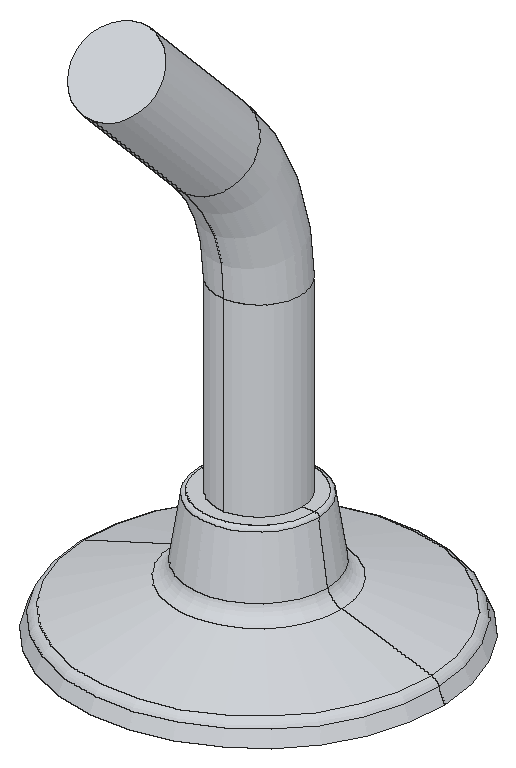
Revit family "Shower-Showerarm-KOHLER-Alteo-K_45129", category Plumbing Fixtures, host Face, Revit 2015
Parameters (values of type "CP-Polished Chrome")
  Width = 3 23/32"  # constant formula
  URL = "http://www.us.kohler.com/us/"
  Type = 1
  Product Page URL = "http://www.us.kohler.com/onlinecatalog/detail.jsp?prod_num=45129"
  Product Name = "Alteo"  # constant formula
  Product Documentation Link = "http://www.us.kohler.com/onlinecatalog/pdf/K-45129_spec.pdf"
  Pressure = 0.00 psi
  Outlet Connection = "Outlet Connection"  # constant formula
  Model = if(Type = 1, "K-45129-CP", if(Type = 2, "K-45129-BN", if(Type = 3, "K-45129-2BZ", "")))  # "K-45129-CP"
  Material = "Brass Construction"  # constant formula
  MasterFormat 2004 = "10.28.13"  # constant formula
  MasterFormat 1995 = "10820"  # constant formula
  Manufacturer Address = "444 Highland Drive, Kohler, WI 53044"  # constant formula
  Manufacturer = "Kohler"  # constant formula
  Length = 3 23/32"  # constant formula
  Inlet Connection = "Inlet Connection"  # constant formula
  Height = 5 3/4"  # constant formula
  HW Connection = yes
  Flow Rate = 2 GPM  # constant formula
  Finish = Metal-Kohler-CP-Polished Chrome
  Description = "Showerarm and flange"  # constant formula
  Default Elevation = 72"
  Date Modified = "09/18/2017"  # constant formula
  Date Created = "08/30/2017"  # constant formula
  Copyright = "Copyright by Kohler Co."  # constant formula
  Contact Us = "https://www.us.kohler.com/us/static/contact.jsp"
  CW Connection = no
  Assembly Code = "D2010700"
  ADA Compliant = yes
Types (4): name | Type | Model | Finish | CW Connection
  (no name) | 1 | "K-45129-CP" | Metal-Kohler-CP-Polished Chrome | no
  CP-Polished Chrome | 1 | "K-45129-CP" | Metal-Kohler-CP-Polished Chrome | no
  BN-Vibrant Brushed Nickel | 2 | "K-45129-BN" | Metal-Kohler-BN-Vibrant Brushed Nickel | yes
  2BZ-Oil Rubbed Bronze | 3 | "K-45129-2BZ" | Metal-Kohler-2BZ-Oil Rubbed Bronze | yes
Reference planes (in)
  plane 1 "Center (Front/Back)": y = 0
  plane 2: z = 0
  plane 3 "Center (Left/Right)": x = 0
  plane 4: y = 1.85982
  plane 5: y = -1.85893
  plane 6: x = -1.75879
  plane 7: x = 1.95996
  plane 8: z = 5.75
Dimensions and locks (in)
  "Width": plane 4 to plane 5
  "Length": plane 6 to plane 7
  "Height": plane 8 to plane 2
  aligned and locked: plane 2 to host face
  aligned and locked: level to host face
Automatic sketch dimensions
  host sketch curve to host sketch curve = 96"  (x2)
Nested families (in)
  nested 1: "K-45129" at (0, 0.1023, 0), type "K-45129"
Connectors (in)
  piping at (0, 0.1023, 0), diameter 0.5, driven by "Flow Rate", driven by "HW Connection"
    settings: on nested 1, index 1, connector inside diameter 24", connector length 0", flow factor 0, pipe flow 2 GPM, pressure drop 0.00 psi, fitting loss kfactor 0, connector angle 0.00°, fixture units 0, engagement length 0", angle of deflection 0.00°, flow configuration 0, flow direction 1, fitting loss method 0, system type 19, joint type 0, gender type 0, connector reference index -1, connector utility 1, adjustable connector no, is connector primary yes, connector description "Tempered Water"
Definition of nested family "K-45129"
  Parameters (values of type "K-45129")
    Material = none
  Reference planes (in)
    plane 1 "Center (Front/Back)": y = 0
    plane 2: z = 0
    plane 3 "Center (Left/Right)": x = 0
  Forms (in)
    Sweep 1, solid, material <- "Material"
      path origin (0, 0.00029, -0.00016) x (0, 1, 0) y (0, 0, 1)
        loop
          line (-0.00484, 0.00016) -> (-0.00484, 2.99533)
          arc (-0.00484, 2.99533) -> (-0.15265, 3.73844) -> (-0.5736, 4.36843) r 1.94185
          line (-0.5736, 4.36843) -> (-1.67533, 5.47016)
      profile origin (0, -0.00455, 1.49759) x (0, -1, 0) y (1, 0, 0)
        loop
          circle (0, 0.00653) r 0.40551
    Revolve 2, solid, material <- "Material"
      sketch origin (0, 0, 0) x (1, 0, 0) y (0, 0, 1)
        loop
          line (0, 1.19945) -> (0, 0) -> (1.75717, 0) -> (1.70567, 0.13226)
          arc (1.70567, 0.13226) -> (1.67782, 0.1749) -> (1.63515, 0.20269) r 0.12366
          arc (1.63515, 0.20269) -> (1.21439, 0.34959) -> (0.78462, 0.46756) r 6.55352
          arc (0.78462, 0.46756) -> (0.70021, 0.51712) -> (0.65798, 0.60542) r 0.16726
          line (0.65798, 0.60542) -> (0.57368, 1.16662)
          arc (0.57368, 1.16662) -> (0.56071, 1.19011) -> (0.53555, 1.19945) r 0.03856
          line (0.53555, 1.19945) -> (0, 1.19945)
        axis (0, 1.19945) -> (0, 0)
      angle from 0 to 360
  Cuts and joins
    joined: Sweep 1, Revolve 2
  Lines and regions (in)
    Masking region 1
      outline origin (0, 0, 0) x (0, 1, 0) y (0, 0, 1)
        loop
          line (-1.3883, 5.75674) -> (-1.96178, 5.18326) -> (-0.84647, 4.06795)
          arc (-0.84647, 4.06795) -> (-0.52348, 3.58456) -> (-0.41006, 3.01437) r 1.49
          line (-0.41006, 3.01437) -> (-0.41006, 1.19945) -> (-0.53555, 1.19945)
          arc (-0.53555, 1.19945) -> (-0.56071, 1.19011) -> (-0.57368, 1.16662) r 0.03856
          line (-0.57368, 1.16662) -> (-0.65798, 0.60542)
          arc (-0.65798, 0.60542) -> (-0.70021, 0.51712) -> (-0.78462, 0.46756) r 0.16726
          arc (-0.78462, 0.46756) -> (-1.21439, 0.34959) -> (-1.63515, 0.20269) r 6.55352
          arc (-1.63515, 0.20269) -> (-1.67782, 0.1749) -> (-1.70567, 0.13226) r 0.12366
          line (-1.70567, 0.13226) -> (-1.75717, 0) -> (1.75717, 0) -> (1.70567, 0.13226)
          arc (1.70567, 0.13226) -> (1.67782, 0.1749) -> (1.63515, 0.20269) r 0.12366
          arc (1.63515, 0.20269) -> (1.21439, 0.34959) -> (0.78462, 0.46756) r 6.55352
          arc (0.78462, 0.46756) -> (0.70021, 0.51712) -> (0.65798, 0.60542) r 0.16726
          line (0.65798, 0.60542) -> (0.57368, 1.16662)
          arc (0.57368, 1.16662) -> (0.56071, 1.19011) -> (0.53555, 1.19945) r 0.03856
          line (0.53555, 1.19945) -> (0.40096, 1.19945) -> (0.40096, 3.05186)
          arc (0.40096, 3.05186) -> (0.23269, 3.89778) -> (-0.24648, 4.61492) r 2.2105
          line (-0.24648, 4.61492) -> (-1.3883, 5.75674)
    Masking region 2
      outline origin (0, 0, 0) x (1, 0, 0) y (0, 0, 1)
        loop
          line (0.41204, 1.19945) -> (0.41204, 5.47)
          spline (0.41204, 5.47) -> (0.40857, 5.50743) -> (0.39823, 5.54421) -> (0.38118, 5.57973) -> (0.35772, 5.61337) -> (0.32825, 5.64456) -> (0.29327, 5.67276) -> (0.25339, 5.69749) -> (0.20929, 5.71832) -> (0.16171, 5.73491) -> (0.11149, 5.74697) -> (0.05946, 5.75429) -> (0.00653, 5.75674)
          spline (0.00653, 5.75674) -> (-0.0464, 5.75429) -> (-0.09842, 5.74697) -> (-0.14865, 5.73491) -> (-0.19622, 5.71832) -> (-0.24033, 5.69749) -> (-0.28021, 5.67276) -> (-0.31518, 5.64456) -> (-0.34465, 5.61337) -> (-0.36811, 5.57973) -> (-0.38516, 5.54421) -> (-0.39551, 5.50743) -> (-0.39898, 5.47)
          line (-0.39898, 5.47) -> (-0.39898, 1.19945) -> (-0.53555, 1.19945)
          arc (-0.53555, 1.19945) -> (-0.56071, 1.19011) -> (-0.57368, 1.16662) r 0.03856
          line (-0.57368, 1.16662) -> (-0.65798, 0.60542)
          arc (-0.65798, 0.60542) -> (-0.70021, 0.51712) -> (-0.78462, 0.46756) r 0.16726
          arc (-0.78462, 0.46756) -> (-1.21439, 0.34959) -> (-1.63515, 0.20269) r 6.55352
          arc (-1.63515, 0.20269) -> (-1.67782, 0.1749) -> (-1.70567, 0.13226) r 0.12366
          line (-1.70567, 0.13226) -> (-1.75717, 0) -> (1.75717, 0) -> (1.70567, 0.13226)
          arc (1.70567, 0.13226) -> (1.67782, 0.1749) -> (1.63515, 0.20269) r 0.12366
          arc (1.63515, 0.20269) -> (1.21439, 0.34959) -> (0.78462, 0.46756) r 6.55352
          arc (0.78462, 0.46756) -> (0.70021, 0.51712) -> (0.65798, 0.60542) r 0.16726
          line (0.65798, 0.60542) -> (0.57368, 1.16662)
          arc (0.57368, 1.16662) -> (0.56071, 1.19011) -> (0.53555, 1.19945) r 0.03856
          line (0.53555, 1.19945) -> (0.41204, 1.19945)
    Masking region 3
      outline origin (0, 0, 0) x (1, 0, 0) y (0, 1, 0)
        loop
          arc (-1.75717, 0) -> (-1.37528, -1.09374) -> (-0.39559, -1.71206) r 1.75717
          spline (-0.39559, -1.71206) -> (-0.38641, -1.74587) -> (-0.37158, -1.77865) -> (-0.3513, -1.80994) -> (-0.32586, -1.83929) -> (-0.29564, -1.86627) -> (-0.26106, -1.89049) -> (-0.22262, -1.91161) -> (-0.18088, -1.92932) -> (-0.13644, -1.94337) -> (-0.08995, -1.95355) -> (-0.04206, -1.95971) -> (0.00653, -1.96178)
          spline (0.00653, -1.96178) -> (0.0555, -1.95968) -> (0.10375, -1.95342) -> (0.15058, -1.94308) -> (0.1953, -1.92882) -> (0.23725, -1.91085) -> (0.27583, -1.88942) -> (0.31047, -1.86486) -> (0.34066, -1.83752) -> (0.36596, -1.8078) -> (0.386, -1.77614) -> (0.40049, -1.74299) -> (0.40921, -1.70886)
          arc (0.40921, -1.70886) -> (1.37962, -1.08825) -> (1.75717, 0) r 1.75717
          arc (1.75717, 0) -> (0, 1.75717) -> (-1.75717, 0) r 1.75717
    symbolic lines, detail levels fine
      curve 1: line (0, 0.40096, 0) -> (0, -0.41006, 0)
      curve 2: line (1.27262, 0, 0) -> (-1.27262, 0, 0)
      curve 3: arc (-0.39898, -0.00455, 0) -> (-0.28021, 0.28219, 0) -> (0.00653, 0.40096, 0) r 0.40551
      curve 4: arc (0.00653, 0.40096, 0) -> (0.29327, 0.28219, 0) -> (0.41204, -0.00455, 0) r 0.40551
      curve 5: spline (0.00653, -1.38601, 0) -> (-0.0464, -1.38846, 0) -> (-0.09842, -1.39578, 0) -> (-0.14865, -1.40784, 0) -> (-0.19622, -1.42443, 0) -> (-0.24033, -1.44526, 0) -> (-0.28021, -1.46999, 0) -> (-0.31518, -1.49819, 0) -> (-0.34465, -1.52938, 0) -> (-0.36811, -1.56302, 0) -> (-0.38516, -1.59854, 0) -> (-0.39551, -1.63532, 0) -> (-0.39898, -1.67275, 0)
      curve 6: spline (0.41204, -1.67275, 0) -> (0.40857, -1.63532, 0) -> (0.39823, -1.59854, 0) -> (0.38118, -1.56302, 0) -> (0.35772, -1.52938, 0) -> (0.32825, -1.49819, 0) -> (0.29327, -1.46999, 0) -> (0.25339, -1.44526, 0) -> (0.20929, -1.42443, 0) -> (0.16171, -1.40784, 0) -> (0.11149, -1.39578, 0) -> (0.05946, -1.38846, 0) -> (0.00653, -1.38601, 0)
      curve 7: line (-0.39898, -1.69619, 0) -> (-0.39898, -0.00455, 0)
      curve 8: line (0.41204, -1.69619, 0) -> (0.41204, -0.00455, 0)
    symbolic lines, detail levels medium+fine
      curve 9: spline (0.00653, 0, 5.75674) -> (-0.09842, 0, 5.74697) -> (-0.19622, 0, 5.71832) -> (-0.28021, 0, 5.67276) -> (-0.34465, 0, 5.61337) -> (-0.38516, 0, 5.54421) -> (-0.39898, 0, 5.47) -> (-0.38516, 0, 5.39579) -> (-0.34465, 0, 5.32663) -> (-0.28021, 0, 5.26724) -> (-0.19622, 0, 5.22168) -> (-0.09842, 0, 5.19303) -> (0.00653, 0, 5.18326)
      curve 10: spline (0.00653, 0, 5.18326) -> (0.11149, 0, 5.19303) -> (0.20929, 0, 5.22168) -> (0.29327, 0, 5.26724) -> (0.35772, 0, 5.32663) -> (0.39823, 0, 5.39579) -> (0.41204, 0, 5.47) -> (0.39823, 0, 5.54421) -> (0.35772, 0, 5.61337) -> (0.29327, 0, 5.67276) -> (0.20929, 0, 5.71832) -> (0.11149, 0, 5.74697) -> (0.00653, 0, 5.75674)
      curve 11: line (0.53555, 0, 1.19945) -> (-0.53555, 0, 1.19945)
      curve 12: line (0, 0, 1.19945) -> (0, -0.53555, 1.19945)
      curve 13: line (0, 0.53555, 1.19945) -> (0, 0, 1.19945)
  Dimensions and locks (in)
    aligned and locked: plane 2 to level
